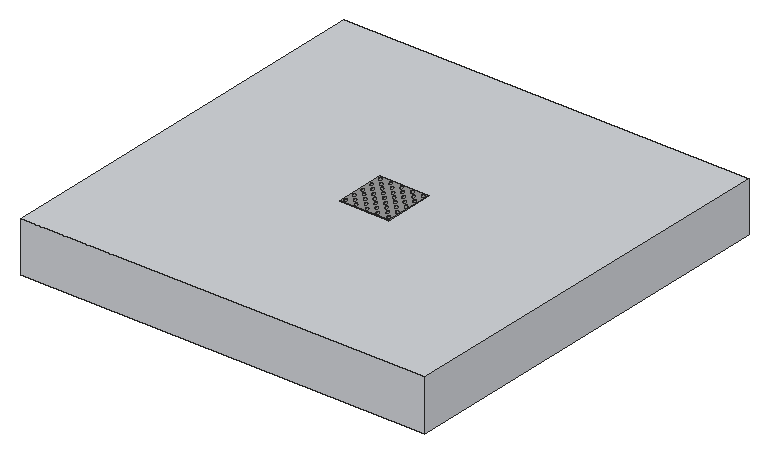
Revit family "Тактильная плитка полиуретан (самоклеящаяся)", category Оборудование, Revit 2017
Family settings
  Основа = Грань
  Размер круглого соединителя = Использовать диаметр
  Тип детали = Нормальный
  При загрузке вырезать с полостями = Да
  Общий = Да
  Точка расчета площади = Нет
Parameters (values of type "Тактильная плитка полиуретан (самоклеящаяся)_Желтая")
  Стоимость = 742
  Применение = "Улица/Помещение"
  Default Elevation = 0 mm
  Описание = "Тактильная плитка ПУ предназначена для информирования людей с ограничениями зрения о движении. Желтый цвет плитки - отличный контраст к поверхности, который необходимо организовать для людей с ограниченными возможностями. Тактильные конусообразные рифы в шахматном порядке информируют незрячего человека о непреодолимых препятствиях на пути. Тактильная ПУ плитка имеет ряд преимуществ: стойкость к перепадам температур, износостойкость и легкость монтажа (самоклеящаяся). Тактильная ПУ плитка от Тифлоцентра \"Вертикаль\" рекомендован к применению Всероссийским обществом слепых, а также государственной федеральной программой \"Доступная среда\"."
  Изготовитель = "ТИФЛОЦЕНТР «ВЕРТИКАЛЬ»"
  URL = "http://tiflocentre.ru/magazin/view_product.php?cat=1&podcat=2&id=210"
  ADSK_Тип рифов = "Тактильные конусообразные рифы в шахматном порядке"
  ADSK_Размер_Ширина = 300 mm
  ADSK_Размер_Толщина = 2 mm
  ADSK_Размер_Длина = 300 mm
  ADSK_Размер_Габариты = "300Х300"
  ADSK_Размер_Высота рифа = 5 mm
  ADSK_Наименование = "Тактильная плитка полиуретан (самоклеящаяся)"
  ADSK_Материал плитки = Вертикаль_Полиуретан_Желтый
  ADSK_Материал наименование = "Полиуретан, цвет желтый"
  ADSK_Код изделия = "10129-1-ZH"
Types (3, lengths in mm): name | Описание | URL | ADSK_Материал плитки | ADSK_Материал наименование | ADSK_Код изделия
  (no name) | "Тактильная плитка ПУ предназначена для информирования людей с ограничениями зрения о движении. Желтый цвет плитки - отличный контраст к поверхности, который необходимо организовать для людей с ограниченными возможностями. Тактильные конусообразные рифы в шахматном порядке информируют незрячего человека о непреодолимых препятствиях на пути. Тактильная ПУ плитка имеет ряд преимуществ: стойкость к перепадам температур, износостойкость и легкость монтажа (самоклеящаяся). Тактильная ПУ плитка от Тифлоцентра \"Вертикаль\" рекомендован к применению Всероссийским обществом слепых, а также государственной федеральной программой \"Доступная среда\"." | "http://tiflocentre.ru/magazin/view_product.php?cat=1&podcat=2&id=210" | Вертикаль_Полиуретан_Желтый | "Полиуретан, цвет желтый" | "10129-1-ZH"
  Тактильная плитка полиуретан (самоклеящаяся)_Желтая | "Тактильная плитка ПУ предназначена для информирования людей с ограничениями зрения о движении. Желтый цвет плитки - отличный контраст к поверхности, который необходимо организовать для людей с ограниченными возможностями. Тактильные конусообразные рифы в шахматном порядке информируют незрячего человека о непреодолимых препятствиях на пути. Тактильная ПУ плитка имеет ряд преимуществ: стойкость к перепадам температур, износостойкость и легкость монтажа (самоклеящаяся). Тактильная ПУ плитка от Тифлоцентра \"Вертикаль\" рекомендован к применению Всероссийским обществом слепых, а также государственной федеральной программой \"Доступная среда\"." | "http://tiflocentre.ru/magazin/view_product.php?cat=1&podcat=2&id=210" | Вертикаль_Полиуретан_Желтый | "Полиуретан, цвет желтый" | "10129-1-ZH"
  Тактильная плитка полиуретан (самоклеющаяся)_Черная | "Тактильная ПУ плитка применятеся для информирования при движении тотально слепого и слабовидящего человека. Конусообразные рифы в шахматном порядке на плитке \"предупреждают\" человека о непреодолимом препятствии на пути. В случаях, когда монтаж плитки приходится на светлую поверхность, черная плитка обладает большим контрастом, чем желтая. Это особенно важно для слабовидящих людей. Главные преимущества тактильной ПУ плитки: всепогодность, прочность и легкость монтажа. Монтировать тактильную плитку от компании \"Вертикаль\" мы рекомендуем на специальный клей FIXVERT, состав которого разработан и протестирован нашими специалистами." | "http://tiflocentre.ru/magazin/view_product.php?cat=1&podcat=2&id=209" | Вертикаль_Полиуретан_Черный | "Полиуретан, цвет черный" | "10129-1-CH"
Reference planes
  plane 1 "По центру (Вперед/Назад)": y = 0
  plane 2: z = 0
  plane 3 "По центру (Влево/Вправо)": x = 0
  plane 4: x = -150
  plane 5: x = 150
  plane 6: y = -150
  plane 7: y = 150
  plane 8: z = 2
Forms (mm)
  Extrusion 1, solid
    sketch origin (0, 0, 0) x (1, 0, 0) y (0, 1, 0)
      loop
        line (-1219.2, 1219.2) -> (-1219.2, -1219.2) -> (1219.2, -1219.2) -> (1219.2, 1219.2) -> (-1219.2, 1219.2)
    from 0 to -304.8
  Extrusion 2, solid, material "Вертикаль_Полиуретан_Желтый" <- "ADSK_Материал плитки"
    sketch origin (0, 0, 0) x (1, 0, 0) y (0, 1, 0)
      loop
        line (-150, 150) -> (-150, -150) -> (150, -150) -> (150, 150) -> (-150, 150)
    from 0 to 2
Dimensions and locks
  equal spacing: plane 7, plane 1 "По центру (Вперед/Назад)", plane 6
  equal spacing: plane 4, plane 3 "По центру (Влево/Вправо)", plane 5
  "ADSK_Размер_Ширина": plane 4 to plane 5
  "ADSK_Размер_Длина": plane 7 to plane 6
  "ADSK_Размер_Толщина": plane 8 to level
  plane 8 to level = 2 mm
  aligned and locked: plane 2 to Extrusion 1
  aligned and locked: level to Extrusion 1
  aligned and locked: plane 4 to Extrusion 2 sketch curve
  aligned and locked: Extrusion 2 sketch curve to plane 7
  aligned and locked: Extrusion 2 sketch curve to plane 5
  aligned and locked: plane 6 to Extrusion 2 sketch curve
  aligned and locked: Extrusion 2 to level
  aligned and locked: Extrusion 2 to Extrusion 1
  aligned and locked: plane 8 to Extrusion 2
Automatic sketch dimensions
  Extrusion 1 sketch curve to Extrusion 1 sketch curve = 2438.4 mm  (x2)
Nested families
  nested 1: "Риф" at (-130, 130, 2), Материал <- "ADSK_Материал плитки", built-in parameter 1001364 <- "ADSK_Размер_Толщина", type "Риф"
    with Радиус основания 7 mm, Радиус вершины 5 mm, Материал Вертикаль_Полиуретан_Желтый
  nested 2: "Риф" at (-65, 130, 2), Материал <- "ADSK_Материал плитки", built-in parameter 1001364 <- "ADSK_Размер_Толщина", type "Риф"
    with Радиус основания 7 mm, Радиус вершины 5 mm, Материал Вертикаль_Полиуретан_Желтый
  nested 3: "Риф" at (0, 130, 2), Материал <- "ADSK_Материал плитки", built-in parameter 1001364 <- "ADSK_Размер_Толщина", type "Риф"
    with Радиус основания 7 mm, Радиус вершины 5 mm, Материал Вертикаль_Полиуретан_Желтый
  nested 4: "Риф" at (65, 130, 2), Материал <- "ADSK_Материал плитки", built-in parameter 1001364 <- "ADSK_Размер_Толщина", type "Риф"
    with Радиус основания 7 mm, Радиус вершины 5 mm, Материал Вертикаль_Полиуретан_Желтый
  nested 5: "Риф" at (130, 130, 2), Материал <- "ADSK_Материал плитки", built-in parameter 1001364 <- "ADSK_Размер_Толщина", type "Риф"
    with Радиус основания 7 mm, Радиус вершины 5 mm, Материал Вертикаль_Полиуретан_Желтый
  nested 6: "Риф" at (-130, 65, 2), Материал <- "ADSK_Материал плитки", built-in parameter 1001364 <- "ADSK_Размер_Толщина", type "Риф"
    with Радиус основания 7 mm, Радиус вершины 5 mm, Материал Вертикаль_Полиуретан_Желтый
  nested 7: "Риф" at (-65, 65, 2), Материал <- "ADSK_Материал плитки", built-in parameter 1001364 <- "ADSK_Размер_Толщина", type "Риф"
    with Радиус основания 7 mm, Радиус вершины 5 mm, Материал Вертикаль_Полиуретан_Желтый
  nested 8: "Риф" at (0, 65, 2), Материал <- "ADSK_Материал плитки", built-in parameter 1001364 <- "ADSK_Размер_Толщина", type "Риф"
    with Радиус основания 7 mm, Радиус вершины 5 mm, Материал Вертикаль_Полиуретан_Желтый
  nested 9: "Риф" at (65, 65, 2), Материал <- "ADSK_Материал плитки", built-in parameter 1001364 <- "ADSK_Размер_Толщина", type "Риф"
    with Радиус основания 7 mm, Радиус вершины 5 mm, Материал Вертикаль_Полиуретан_Желтый
  nested 10: "Риф" at (130, 65, 2), Материал <- "ADSK_Материал плитки", built-in parameter 1001364 <- "ADSK_Размер_Толщина", type "Риф"
    with Радиус основания 7 mm, Радиус вершины 5 mm, Материал Вертикаль_Полиуретан_Желтый
  nested 11: "Риф" at (-130, 0, 2), Материал <- "ADSK_Материал плитки", built-in parameter 1001364 <- "ADSK_Размер_Толщина", type "Риф"
    with Радиус основания 7 mm, Радиус вершины 5 mm, Материал Вертикаль_Полиуретан_Желтый
  nested 12: "Риф" at (-65, 0, 2), Материал <- "ADSK_Материал плитки", built-in parameter 1001364 <- "ADSK_Размер_Толщина", type "Риф"
    with Радиус основания 7 mm, Радиус вершины 5 mm, Материал Вертикаль_Полиуретан_Желтый
  nested 13: "Риф" at (0, 0, 2), Материал <- "ADSK_Материал плитки", built-in parameter 1001364 <- "ADSK_Размер_Толщина", type "Риф"
    with Радиус основания 7 mm, Радиус вершины 5 mm, Материал Вертикаль_Полиуретан_Желтый
  nested 14: "Риф" at (65, 0, 2), Материал <- "ADSK_Материал плитки", built-in parameter 1001364 <- "ADSK_Размер_Толщина", type "Риф"
    with Радиус основания 7 mm, Радиус вершины 5 mm, Материал Вертикаль_Полиуретан_Желтый
  nested 15: "Риф" at (130, 0, 2), Материал <- "ADSK_Материал плитки", built-in parameter 1001364 <- "ADSK_Размер_Толщина", type "Риф"
    with Радиус основания 7 mm, Радиус вершины 5 mm, Материал Вертикаль_Полиуретан_Желтый
  nested 16: "Риф" at (-130, -65, 2), Материал <- "ADSK_Материал плитки", built-in parameter 1001364 <- "ADSK_Размер_Толщина", type "Риф"
    with Радиус основания 7 mm, Радиус вершины 5 mm, Материал Вертикаль_Полиуретан_Желтый
  nested 17: "Риф" at (-65, -65, 2), Материал <- "ADSK_Материал плитки", built-in parameter 1001364 <- "ADSK_Размер_Толщина", type "Риф"
    with Радиус основания 7 mm, Радиус вершины 5 mm, Материал Вертикаль_Полиуретан_Желтый
  nested 18: "Риф" at (0, -65, 2), Материал <- "ADSK_Материал плитки", built-in parameter 1001364 <- "ADSK_Размер_Толщина", type "Риф"
    with Радиус основания 7 mm, Радиус вершины 5 mm, Материал Вертикаль_Полиуретан_Желтый
  nested 19: "Риф" at (65, -65, 2), Материал <- "ADSK_Материал плитки", built-in parameter 1001364 <- "ADSK_Размер_Толщина", type "Риф"
    with Радиус основания 7 mm, Радиус вершины 5 mm, Материал Вертикаль_Полиуретан_Желтый
  nested 20: "Риф" at (130, -65, 2), Материал <- "ADSK_Материал плитки", built-in parameter 1001364 <- "ADSK_Размер_Толщина", type "Риф"
    with Радиус основания 7 mm, Радиус вершины 5 mm, Материал Вертикаль_Полиуретан_Желтый
  nested 21: "Риф" at (-130, -130.397, 2), Материал <- "ADSK_Материал плитки", built-in parameter 1001364 <- "ADSK_Размер_Толщина", type "Риф"
    with Радиус основания 7 mm, Радиус вершины 5 mm, Материал Вертикаль_Полиуретан_Желтый
  nested 22: "Риф" at (-65, -130.397, 2), Материал <- "ADSK_Материал плитки", built-in parameter 1001364 <- "ADSK_Размер_Толщина", type "Риф"
    with Радиус основания 7 mm, Радиус вершины 5 mm, Материал Вертикаль_Полиуретан_Желтый
  nested 23: "Риф" at (0, -130.397, 2), Материал <- "ADSK_Материал плитки", built-in parameter 1001364 <- "ADSK_Размер_Толщина", type "Риф"
    with Радиус основания 7 mm, Радиус вершины 5 mm, Материал Вертикаль_Полиуретан_Желтый
  nested 24: "Риф" at (65, -130.397, 2), Материал <- "ADSK_Материал плитки", built-in parameter 1001364 <- "ADSK_Размер_Толщина", type "Риф"
    with Радиус основания 7 mm, Радиус вершины 5 mm, Материал Вертикаль_Полиуретан_Желтый
  nested 25: "Риф" at (130, -130.397, 2), Материал <- "ADSK_Материал плитки", built-in parameter 1001364 <- "ADSK_Размер_Толщина", type "Риф"
    with Радиус основания 7 mm, Радиус вершины 5 mm, Материал Вертикаль_Полиуретан_Желтый
  nested 26: "Риф" at (-97.5, 97.5, 2), Материал <- "ADSK_Материал плитки", built-in parameter 1001364 <- "ADSK_Размер_Толщина", type "Риф"
    with Радиус основания 7 mm, Радиус вершины 5 mm, Материал Вертикаль_Полиуретан_Желтый
  nested 27: "Риф" at (-32.5, 97.5, 2), Материал <- "ADSK_Материал плитки", built-in parameter 1001364 <- "ADSK_Размер_Толщина", type "Риф"
    with Радиус основания 7 mm, Радиус вершины 5 mm, Материал Вертикаль_Полиуретан_Желтый
  nested 28: "Риф" at (32.5, 97.5, 2), Материал <- "ADSK_Материал плитки", built-in parameter 1001364 <- "ADSK_Размер_Толщина", type "Риф"
    with Радиус основания 7 mm, Радиус вершины 5 mm, Материал Вертикаль_Полиуретан_Желтый
  nested 29: "Риф" at (97.5, 97.5, 2), Материал <- "ADSK_Материал плитки", built-in parameter 1001364 <- "ADSK_Размер_Толщина", type "Риф"
    with Радиус основания 7 mm, Радиус вершины 5 mm, Материал Вертикаль_Полиуретан_Желтый
  nested 30: "Риф" at (-97.5, 32.5, 2), Материал <- "ADSK_Материал плитки", built-in parameter 1001364 <- "ADSK_Размер_Толщина", type "Риф"
    with Радиус основания 7 mm, Радиус вершины 5 mm, Материал Вертикаль_Полиуретан_Желтый
  nested 31: "Риф" at (-32.5, 32.5, 2), Материал <- "ADSK_Материал плитки", built-in parameter 1001364 <- "ADSK_Размер_Толщина", type "Риф"
    with Радиус основания 7 mm, Радиус вершины 5 mm, Материал Вертикаль_Полиуретан_Желтый
  nested 32: "Риф" at (32.5, 32.5, 2), Материал <- "ADSK_Материал плитки", built-in parameter 1001364 <- "ADSK_Размер_Толщина", type "Риф"
    with Радиус основания 7 mm, Радиус вершины 5 mm, Материал Вертикаль_Полиуретан_Желтый
  nested 33: "Риф" at (97.5, 32.5, 2), Материал <- "ADSK_Материал плитки", built-in parameter 1001364 <- "ADSK_Размер_Толщина", type "Риф"
    with Радиус основания 7 mm, Радиус вершины 5 mm, Материал Вертикаль_Полиуретан_Желтый
  nested 34: "Риф" at (-97.5, -32.5, 2), Материал <- "ADSK_Материал плитки", built-in parameter 1001364 <- "ADSK_Размер_Толщина", type "Риф"
    with Радиус основания 7 mm, Радиус вершины 5 mm, Материал Вертикаль_Полиуретан_Желтый
  nested 35: "Риф" at (-32.5, -32.5, 2), Материал <- "ADSK_Материал плитки", built-in parameter 1001364 <- "ADSK_Размер_Толщина", type "Риф"
    with Радиус основания 7 mm, Радиус вершины 5 mm, Материал Вертикаль_Полиуретан_Желтый
  nested 36: "Риф" at (32.5, -32.5, 2), Материал <- "ADSK_Материал плитки", built-in parameter 1001364 <- "ADSK_Размер_Толщина", type "Риф"
    with Радиус основания 7 mm, Радиус вершины 5 mm, Материал Вертикаль_Полиуретан_Желтый
  nested 37: "Риф" at (97.5, -32.5, 2), Материал <- "ADSK_Материал плитки", built-in parameter 1001364 <- "ADSK_Размер_Толщина", type "Риф"
    with Радиус основания 7 mm, Радиус вершины 5 mm, Материал Вертикаль_Полиуретан_Желтый
  nested 38: "Риф" at (-97.5, -97.5, 2), Материал <- "ADSK_Материал плитки", built-in parameter 1001364 <- "ADSK_Размер_Толщина", type "Риф"
    with Радиус основания 7 mm, Радиус вершины 5 mm, Материал Вертикаль_Полиуретан_Желтый
  nested 39: "Риф" at (-32.5, -97.5, 2), Материал <- "ADSK_Материал плитки", built-in parameter 1001364 <- "ADSK_Размер_Толщина", type "Риф"
    with Радиус основания 7 mm, Радиус вершины 5 mm, Материал Вертикаль_Полиуретан_Желтый
  nested 40: "Риф" at (32.5, -97.5, 2), Материал <- "ADSK_Материал плитки", built-in parameter 1001364 <- "ADSK_Размер_Толщина", type "Риф"
    with Радиус основания 7 mm, Радиус вершины 5 mm, Материал Вертикаль_Полиуретан_Желтый
  nested 41: "Риф" at (97.5, -97.5, 2), Материал <- "ADSK_Материал плитки", built-in parameter 1001364 <- "ADSK_Размер_Толщина", type "Риф"
    with Радиус основания 7 mm, Радиус вершины 5 mm, Материал Вертикаль_Полиуретан_Желтый
Definition of nested family "Риф"
  Parameters (values of type "Риф")
    Радиус основания [instance] = 10 mm
    Радиус вершины [instance] = 5 mm
    Материал [instance] = none
    Высота конуса = 5 mm
  Reference planes
    plane 1 "По центру (Вперед/Назад)": y = 0
    plane 2: z = 0
    plane 3 "По центру (Влево/Вправо)": x = 0
    plane 4: z = 5
    plane 5: y = -10
    plane 6: y = 10
    plane 7: y = -5
    plane 8: y = 5
  Forms (mm)
    Revolve 1, solid, material <- "Материал"
      sketch origin (0, 0, 0) x (0, 1, 0) y (0, 0, 1)
        loop
          line (0, 5) -> (0, 0) -> (10, 0) -> (5, 5) -> (0, 5)
        axis (0, 5) -> (0, 0)
      angle from 0 to 360
  Lines and regions (mm)
    model lines
      curve 1: line (0, 10, 0) -> (0, -10, 0)
      curve 2: line (10, 0, 0) -> (-10, 0, 0)
  Dimensions and locks
    "Высота конуса": plane 4 to plane 2
    equal spacing: plane 5, plane 1 "По центру (Вперед/Назад)", plane 6
    "Радиус основания": plane 5 to plane 1 "По центру (Вперед/Назад)"
    equal spacing: plane 7, plane 1 "По центру (Вперед/Назад)", plane 8
    "Радиус вершины": plane 7 to plane 1 "По центру (Вперед/Назад)"
    aligned and locked: level to plane 2
    aligned and locked: plane 4 to Revolve 1
    aligned and locked: level to Revolve 1 sketch curve
    aligned and locked: plane 6 to Revolve 1 sketch curve
    aligned and locked: Revolve 1 sketch curve to plane 4
  Automatic sketch dimensions
    Revolve 1 sketch curve to plane 1 "По центру (Вперед/Назад)" = 0 mm  (x2)
    Revolve 1 sketch curve to plane 8 = 0 mm
    Revolve 1 sketch curve to level = 80 mm
    Revolve 1 sketch curve to Revolve 1 sketch curve = 55 mm
    plane 1 "По центру (Вперед/Назад)" to curve 2 = 0 mm
    curve 1 to plane 3 "По центру (Влево/Вправо)" = 0 mm
    curve 1 to plane 5 = 0 mm
    curve 1 to plane 6 = 0 mm
    curve 2 to plane 3 "По центру (Влево/Вправо)" = 10 mm
    plane 3 "По центру (Влево/Вправо)" to curve 2 = 10 mm
